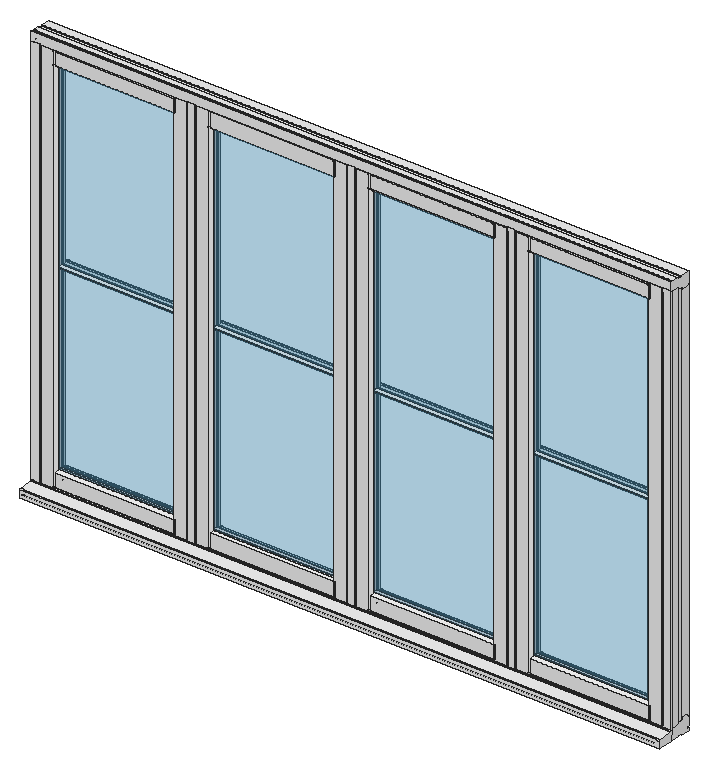
Revit family "C4-2P", category Windows, host Wall, Revit 2012 (continued)
Automatic sketch dimensions
  Sweep 18 sketch curve to Sweep 18 sketch curve = 4 mm  (x3)
  Sweep 18 sketch curve to plane 1 "Center (Front/Back)" = 4 mm  (x2)
  Sweep 18 sketch curve to plane 1 "Center (Front/Back)" = 1 mm  (x2)
  plane 1 "Center (Front/Back)" to Sweep 18 sketch curve = 7 mm  (x2)
  profile plane to Sweep 18 sketch curve = 12 mm
  Sweep 18 sketch curve to Sweep 18 sketch curve = 25 mm  (x2)
  Sweep 18 sketch curve to Sweep 18 sketch curve = 2 mm  (x5)
  Sweep 18 sketch curve to Sweep 18 sketch curve = 7 mm  (x2)
  Sweep 18 sketch curve to Sweep 18 sketch curve = 0 mm  (x2)
  Sweep 18 sketch curve to Sweep 18 sketch curve = 6 mm  (x2)
  profile plane to Sweep 18 sketch curve = 21 mm
  Sweep 18 sketch curve to Sweep 18 sketch curve = 8 mm  (x3)
  Sweep 18 sketch curve to Sweep 18 sketch curve = 12 mm
  Sweep 18 sketch curve to Sweep 18 sketch curve = 1 mm  (x3)
  Sweep 18 sketch curve to profile plane = 11 mm
  Sweep 18 sketch curve to profile plane = 14 mm
  Sweep 19 sketch curve to plane 6 "Sill" = 0 mm
  Sweep 19 sketch curve to plane 12 = 0 mm
  Sweep 19 sketch curve to profile plane = 0 mm
  profile plane to Sweep 19 sketch curve = 3 mm  (x2)
  profile plane to Sweep 19 sketch curve = 8 mm  (x2)
  Sweep 19 sketch curve to Sweep 19 sketch curve = 2 mm  (x3)
  Sweep 19 sketch curve to Sweep 19 sketch curve = 3 mm
  Sweep 19 sketch curve to Sweep 19 sketch curve = 42 mm
  Sweep 19 sketch curve to Sweep 19 sketch curve = 6 mm
  Sweep 19 sketch curve to Sweep 19 sketch curve = 10 mm
  Sweep 19 sketch curve to plane 1 "Center (Front/Back)" = 14.25 mm
  plane 1 "Center (Front/Back)" to Sweep 19 sketch curve = 4.75 mm
  Sweep 19 sketch curve to Sweep 19 sketch curve = 18 mm
  plane 1 "Center (Front/Back)" to Sweep 19 sketch curve = 33.75 mm
  Sweep 19 sketch curve to Sweep 19 sketch curve = 11 mm
  Sweep 20 sketch curve to plane 6 "Sill" = 0 mm
  Sweep 20 sketch curve to profile plane = 0 mm
  Sweep 20 sketch curve to profile plane = 3 mm
  Sweep 20 sketch curve to Sweep 20 sketch curve = 0 mm
  Sweep 20 sketch curve to profile plane = 8 mm
  Sweep 20 sketch curve to Sweep 20 sketch curve = 5 mm
  Sweep 20 sketch curve to Sweep 20 sketch curve = 2 mm  (x3)
  Sweep 20 sketch curve to Sweep 20 sketch curve = 3 mm
  Sweep 20 sketch curve to plane 1 "Center (Front/Back)" = 14.25 mm
  Sweep 20 sketch curve to Sweep 20 sketch curve = 41 mm
  Sweep 20 sketch curve to Sweep 20 sketch curve = 6 mm
  Sweep 20 sketch curve to Sweep 20 sketch curve = 10 mm
  plane 1 "Center (Front/Back)" to Sweep 20 sketch curve = 4.75 mm
  Sweep 20 sketch curve to Sweep 20 sketch curve = 18 mm
  plane 1 "Center (Front/Back)" to Sweep 20 sketch curve = 33.75 mm
  Sweep 20 sketch curve to Sweep 20 sketch curve = 11 mm
  Sweep 21 sketch curve to plane 6 "Sill" = 0 mm
  Sweep 21 sketch curve to plane 12 = 0 mm
  Sweep 21 sketch curve to profile plane = 0 mm
  profile plane to Sweep 21 sketch curve = 3 mm  (x2)
  profile plane to Sweep 21 sketch curve = 8 mm  (x2)
  Sweep 21 sketch curve to Sweep 21 sketch curve = 2 mm  (x3)
  Sweep 21 sketch curve to Sweep 21 sketch curve = 3 mm
  Sweep 21 sketch curve to Sweep 21 sketch curve = 42 mm
  Sweep 21 sketch curve to Sweep 21 sketch curve = 6 mm
  Sweep 21 sketch curve to Sweep 21 sketch curve = 10 mm
  Sweep 21 sketch curve to plane 1 "Center (Front/Back)" = 14.25 mm
  plane 1 "Center (Front/Back)" to Sweep 21 sketch curve = 4.75 mm
  Sweep 21 sketch curve to Sweep 21 sketch curve = 18 mm
  plane 1 "Center (Front/Back)" to Sweep 21 sketch curve = 33.75 mm
  Sweep 21 sketch curve to Sweep 21 sketch curve = 11 mm
  plane 23 to Sweep 22 sketch curve = 52 mm
  profile plane to Sweep 22 sketch curve = 0 mm
  Sweep 22 sketch curve to profile plane = 3 mm
  Sweep 22 sketch curve to Sweep 22 sketch curve = 0 mm
  Sweep 22 sketch curve to profile plane = 12 mm
  Sweep 22 sketch curve to Sweep 22 sketch curve = 9 mm
  Sweep 22 sketch curve to Sweep 22 sketch curve = 2 mm  (x3)
  Sweep 22 sketch curve to Sweep 22 sketch curve = 3 mm
  Sweep 22 sketch curve to plane 1 "Center (Front/Back)" = 14.75 mm
  Sweep 22 sketch curve to Sweep 22 sketch curve = 41 mm
  Sweep 22 sketch curve to Sweep 22 sketch curve = 6 mm
  Sweep 22 sketch curve to Sweep 22 sketch curve = 10 mm
  plane 1 "Center (Front/Back)" to Sweep 22 sketch curve = 4.25 mm
  Sweep 22 sketch curve to Sweep 22 sketch curve = 18 mm
  plane 1 "Center (Front/Back)" to Sweep 22 sketch curve = 33.25 mm
  Sweep 22 sketch curve to Sweep 22 sketch curve = 11 mm
  profile plane to Sweep 23 sketch curve = 0 mm
  Sweep 23 sketch curve to profile plane = 3 mm
  Sweep 23 sketch curve to Sweep 23 sketch curve = 0 mm
  Sweep 23 sketch curve to profile plane = 12 mm
  Sweep 23 sketch curve to Sweep 23 sketch curve = 9 mm
  Sweep 23 sketch curve to Sweep 23 sketch curve = 2 mm  (x3)
  Sweep 23 sketch curve to Sweep 23 sketch curve = 3 mm
  Sweep 23 sketch curve to plane 1 "Center (Front/Back)" = 14.75 mm
  Sweep 23 sketch curve to Sweep 23 sketch curve = 41 mm
  Sweep 23 sketch curve to Sweep 23 sketch curve = 6 mm
  Sweep 23 sketch curve to Sweep 23 sketch curve = 10 mm
  plane 1 "Center (Front/Back)" to Sweep 23 sketch curve = 4.25 mm
  Sweep 23 sketch curve to Sweep 23 sketch curve = 18 mm
  plane 1 "Center (Front/Back)" to Sweep 23 sketch curve = 33.25 mm
  Sweep 23 sketch curve to Sweep 23 sketch curve = 11 mm
  Sweep 24 sketch curve to profile plane = 0 mm
  profile plane to Sweep 24 sketch curve = 3 mm  (x2)
  profile plane to Sweep 24 sketch curve = 12 mm  (x2)
  Sweep 24 sketch curve to Sweep 24 sketch curve = 2 mm  (x3)
  Sweep 24 sketch curve to Sweep 24 sketch curve = 3 mm
  Sweep 24 sketch curve to Sweep 24 sketch curve = 42 mm
  Sweep 24 sketch curve to Sweep 24 sketch curve = 6 mm
  Sweep 24 sketch curve to Sweep 24 sketch curve = 10 mm
  Sweep 24 sketch curve to plane 1 "Center (Front/Back)" = 14.75 mm
  plane 1 "Center (Front/Back)" to Sweep 24 sketch curve = 4.25 mm
  Sweep 24 sketch curve to Sweep 24 sketch curve = 18 mm
  plane 1 "Center (Front/Back)" to Sweep 24 sketch curve = 33.25 mm
  Sweep 24 sketch curve to Sweep 24 sketch curve = 11 mm
  Sweep 25 sketch curve to plane 23 = 58 mm
  profile plane to Sweep 25 sketch curve = 6 mm
  profile plane to Sweep 25 sketch curve = 1 mm
  Sweep 25 sketch curve to profile plane = 6 mm
  plane 1 "Center (Front/Back)" to Sweep 25 sketch curve = 1 mm
  Sweep 25 sketch curve to Sweep 25 sketch curve = 1 mm  (x2)
  plane 1 "Center (Front/Back)" to Sweep 25 sketch curve = 5 mm
  Sweep 25 sketch curve to Sweep 25 sketch curve = 4 mm
  Sweep 25 sketch curve to Sweep 25 sketch curve = 3 mm
  plane 1 "Center (Front/Back)" to Sweep 25 sketch curve = 9 mm
  Sweep 26 sketch curve to plane 25 = 58 mm
  profile plane to Sweep 26 sketch curve = 6 mm
  profile plane to Sweep 26 sketch curve = 1 mm
  Sweep 26 sketch curve to profile plane = 6 mm
  plane 1 "Center (Front/Back)" to Sweep 26 sketch curve = 1 mm
  Sweep 26 sketch curve to Sweep 26 sketch curve = 1 mm  (x2)
  plane 1 "Center (Front/Back)" to Sweep 26 sketch curve = 5 mm
  Sweep 26 sketch curve to Sweep 26 sketch curve = 4 mm
  Sweep 26 sketch curve to Sweep 26 sketch curve = 3 mm
  plane 1 "Center (Front/Back)" to Sweep 26 sketch curve = 9 mm
  plane 24 to Sweep 27 sketch curve = 58 mm
  profile plane to Sweep 27 sketch curve = 6 mm
  profile plane to Sweep 27 sketch curve = 1 mm
  Sweep 27 sketch curve to profile plane = 6 mm
  plane 1 "Center (Front/Back)" to Sweep 27 sketch curve = 1 mm
  Sweep 27 sketch curve to Sweep 27 sketch curve = 1 mm  (x2)
  plane 1 "Center (Front/Back)" to Sweep 27 sketch curve = 5 mm
  Sweep 27 sketch curve to Sweep 27 sketch curve = 4 mm
  Sweep 27 sketch curve to Sweep 27 sketch curve = 3 mm
  plane 1 "Center (Front/Back)" to Sweep 27 sketch curve = 9 mm
  plane 25 to Sweep 28 sketch curve = 58 mm
  profile plane to Sweep 28 sketch curve = 4 mm
  Sweep 28 sketch curve to profile plane = 6 mm
  plane 1 "Center (Front/Back)" to Sweep 28 sketch curve = 13.165 mm
  Sweep 28 sketch curve to Sweep 28 sketch curve = 16 mm
  plane 23 to Sweep 29 sketch curve = 58 mm
  profile plane to Sweep 29 sketch curve = 4 mm
  Sweep 29 sketch curve to profile plane = 6 mm
  profile plane to Sweep 29 sketch curve = 13.165 mm
  Sweep 29 sketch curve to Sweep 29 sketch curve = 16 mm
  Sweep 30 sketch curve to plane 22 = 58 mm
  profile plane to Sweep 30 sketch curve = 4 mm
  Sweep 30 sketch curve to profile plane = 6 mm
  plane 1 "Center (Front/Back)" to Sweep 30 sketch curve = 13.165 mm
  Sweep 30 sketch curve to Sweep 30 sketch curve = 16 mm
  Sweep 31 sketch curve to profile plane = 0 mm
  profile plane to Sweep 31 sketch curve = 3 mm  (x2)
  profile plane to Sweep 31 sketch curve = 8 mm  (x2)
  Sweep 31 sketch curve to Sweep 31 sketch curve = 2 mm  (x3)
  Sweep 31 sketch curve to Sweep 31 sketch curve = 3 mm
  Sweep 31 sketch curve to Sweep 31 sketch curve = 42 mm
  Sweep 31 sketch curve to Sweep 31 sketch curve = 6 mm
  Sweep 31 sketch curve to Sweep 31 sketch curve = 10 mm
  Sweep 31 sketch curve to plane 1 "Center (Front/Back)" = 14.25 mm
  plane 1 "Center (Front/Back)" to Sweep 31 sketch curve = 4.75 mm
  Sweep 31 sketch curve to Sweep 31 sketch curve = 18 mm
  plane 1 "Center (Front/Back)" to Sweep 31 sketch curve = 33.75 mm
  Sweep 31 sketch curve to Sweep 31 sketch curve = 11 mm
  Sweep 32 sketch curve to profile plane = 0 mm
  Sweep 32 sketch curve to profile plane = 3 mm
  Sweep 32 sketch curve to Sweep 32 sketch curve = 0 mm
  Sweep 32 sketch curve to profile plane = 12 mm
  Sweep 32 sketch curve to Sweep 32 sketch curve = 9 mm
  Sweep 32 sketch curve to Sweep 32 sketch curve = 2 mm  (x3)
  Sweep 32 sketch curve to Sweep 32 sketch curve = 3 mm
  Sweep 32 sketch curve to plane 1 "Center (Front/Back)" = 14.75 mm
  Sweep 32 sketch curve to Sweep 32 sketch curve = 41 mm
  Sweep 32 sketch curve to Sweep 32 sketch curve = 6 mm
  Sweep 32 sketch curve to Sweep 32 sketch curve = 10 mm
  plane 1 "Center (Front/Back)" to Sweep 32 sketch curve = 4.25 mm
  Sweep 32 sketch curve to Sweep 32 sketch curve = 18 mm
  plane 1 "Center (Front/Back)" to Sweep 32 sketch curve = 33.25 mm
  Sweep 32 sketch curve to Sweep 32 sketch curve = 11 mm
  Sweep 33 sketch curve to plane 22 = 0 mm
  Sweep 33 sketch curve to plane 6 "Sill" = 0 mm
  Sweep 33 sketch curve to profile plane = 0 mm
  profile plane to Sweep 33 sketch curve = 3 mm  (x2)
  profile plane to Sweep 33 sketch curve = 8 mm  (x2)
  Sweep 33 sketch curve to Sweep 33 sketch curve = 2 mm  (x3)
  Sweep 33 sketch curve to Sweep 33 sketch curve = 3 mm
  Sweep 33 sketch curve to Sweep 33 sketch curve = 42 mm
  Sweep 33 sketch curve to Sweep 33 sketch curve = 6 mm
  Sweep 33 sketch curve to Sweep 33 sketch curve = 10 mm
  Sweep 33 sketch curve to plane 1 "Center (Front/Back)" = 14.25 mm
  plane 1 "Center (Front/Back)" to Sweep 33 sketch curve = 4.75 mm
  Sweep 33 sketch curve to Sweep 33 sketch curve = 18 mm
  plane 1 "Center (Front/Back)" to Sweep 33 sketch curve = 33.75 mm
  Sweep 33 sketch curve to Sweep 33 sketch curve = 11 mm
  plane 14 to Sweep 34 sketch curve = 6 mm
  plane 22 to Sweep 34 sketch curve = 52 mm
  Sweep 34 sketch curve to profile plane = 0 mm
  Sweep 34 sketch curve to profile plane = 3 mm
  Sweep 34 sketch curve to Sweep 34 sketch curve = 0 mm
  Sweep 34 sketch curve to profile plane = 8 mm
  Sweep 34 sketch curve to Sweep 34 sketch curve = 5 mm
  Sweep 34 sketch curve to Sweep 34 sketch curve = 2 mm  (x3)
  Sweep 34 sketch curve to Sweep 34 sketch curve = 3 mm
  Sweep 34 sketch curve to plane 1 "Center (Front/Back)" = 14.75 mm
  Sweep 34 sketch curve to Sweep 34 sketch curve = 41 mm
  Sweep 34 sketch curve to Sweep 34 sketch curve = 6 mm
  Sweep 34 sketch curve to Sweep 34 sketch curve = 10 mm
  plane 1 "Center (Front/Back)" to Sweep 34 sketch curve = 4.25 mm
  Sweep 34 sketch curve to Sweep 34 sketch curve = 18 mm
  plane 1 "Center (Front/Back)" to Sweep 34 sketch curve = 33.25 mm
  Sweep 34 sketch curve to Sweep 34 sketch curve = 11 mm
  Sweep 35 sketch curve to plane 6 "Sill" = 0 mm
  Sweep 35 sketch curve to plane 12 = 0 mm
  Sweep 35 sketch curve to profile plane = 0 mm
  Sweep 35 sketch curve to profile plane = 3 mm
  Sweep 35 sketch curve to Sweep 35 sketch curve = 0 mm
  Sweep 35 sketch curve to profile plane = 8 mm
  Sweep 35 sketch curve to Sweep 35 sketch curve = 5 mm
  Sweep 35 sketch curve to Sweep 35 sketch curve = 2 mm  (x3)
  Sweep 35 sketch curve to Sweep 35 sketch curve = 3 mm
  Sweep 35 sketch curve to plane 1 "Center (Front/Back)" = 14.25 mm
  Sweep 35 sketch curve to Sweep 35 sketch curve = 41 mm
  Sweep 35 sketch curve to Sweep 35 sketch curve = 6 mm
  Sweep 35 sketch curve to Sweep 35 sketch curve = 10 mm
  plane 1 "Center (Front/Back)" to Sweep 35 sketch curve = 4.75 mm
  Sweep 35 sketch curve to Sweep 35 sketch curve = 18 mm
  plane 1 "Center (Front/Back)" to Sweep 35 sketch curve = 33.75 mm
  Sweep 35 sketch curve to Sweep 35 sketch curve = 11 mm
  Sweep 36 sketch curve to plane 6 "Sill" = 0 mm
  Sweep 36 sketch curve to plane 12 = 0 mm
  Sweep 36 sketch curve to profile plane = 0 mm
  Sweep 36 sketch curve to profile plane = 3 mm
  Sweep 36 sketch curve to Sweep 36 sketch curve = 0 mm
  Sweep 36 sketch curve to profile plane = 8 mm
  Sweep 36 sketch curve to Sweep 36 sketch curve = 5 mm
  Sweep 36 sketch curve to Sweep 36 sketch curve = 2 mm  (x3)
  Sweep 36 sketch curve to Sweep 36 sketch curve = 3 mm
  Sweep 36 sketch curve to plane 1 "Center (Front/Back)" = 14.25 mm
  Sweep 36 sketch curve to Sweep 36 sketch curve = 41 mm
  Sweep 36 sketch curve to Sweep 36 sketch curve = 6 mm
  Sweep 36 sketch curve to Sweep 36 sketch curve = 10 mm
  plane 1 "Center (Front/Back)" to Sweep 36 sketch curve = 4.75 mm
  Sweep 36 sketch curve to Sweep 36 sketch curve = 18 mm
  plane 1 "Center (Front/Back)" to Sweep 36 sketch curve = 33.75 mm
  Sweep 36 sketch curve to Sweep 36 sketch curve = 11 mm
  Sweep 37 sketch curve to profile plane = 0 mm
  Sweep 37 sketch curve to profile plane = 3 mm
  Sweep 37 sketch curve to Sweep 37 sketch curve = 0 mm
  Sweep 37 sketch curve to profile plane = 8 mm
  Sweep 37 sketch curve to Sweep 37 sketch curve = 5 mm
  Sweep 37 sketch curve to Sweep 37 sketch curve = 2 mm  (x3)
  Sweep 37 sketch curve to Sweep 37 sketch curve = 3 mm
  Sweep 37 sketch curve to plane 1 "Center (Front/Back)" = 14.75 mm
  Sweep 37 sketch curve to Sweep 37 sketch curve = 41 mm
  Sweep 37 sketch curve to Sweep 37 sketch curve = 6 mm
  Sweep 37 sketch curve to Sweep 37 sketch curve = 10 mm
  plane 1 "Center (Front/Back)" to Sweep 37 sketch curve = 4.25 mm
  Sweep 37 sketch curve to Sweep 37 sketch curve = 18 mm
  plane 1 "Center (Front/Back)" to Sweep 37 sketch curve = 33.25 mm
  Sweep 37 sketch curve to Sweep 37 sketch curve = 11 mm
  Sweep 38 sketch curve to profile plane = 0 mm
  Sweep 38 sketch curve to profile plane = 3 mm
  Sweep 38 sketch curve to Sweep 38 sketch curve = 0 mm
  Sweep 38 sketch curve to profile plane = 8 mm
  Sweep 38 sketch curve to Sweep 38 sketch curve = 5 mm
  Sweep 38 sketch curve to Sweep 38 sketch curve = 2 mm  (x3)
  Sweep 38 sketch curve to Sweep 38 sketch curve = 3 mm
  Sweep 38 sketch curve to plane 1 "Center (Front/Back)" = 14.75 mm
  Sweep 38 sketch curve to Sweep 38 sketch curve = 41 mm
  Sweep 38 sketch curve to Sweep 38 sketch curve = 6 mm
  Sweep 38 sketch curve to Sweep 38 sketch curve = 10 mm
  plane 1 "Center (Front/Back)" to Sweep 38 sketch curve = 4.25 mm
  Sweep 38 sketch curve to Sweep 38 sketch curve = 18 mm
  plane 1 "Center (Front/Back)" to Sweep 38 sketch curve = 33.25 mm
  Sweep 38 sketch curve to Sweep 38 sketch curve = 11 mm
  Sweep 38 sketch curve to plane 12 = 0 mm
  Sweep 38 sketch curve to plane 23 = 52 mm
  plane 26 to Sweep 38 sketch curve = 52 mm
  plane 27 to Sweep 32 sketch curve = 52 mm
  plane 25 to Sweep 32 sketch curve = 52 mm
  plane 24 to Sweep 37 sketch curve = 52 mm
  plane 15 to Sweep 37 sketch curve = 6 mm
  Sweep 23 sketch curve to plane 24 = 52 mm
  Sweep 23 sketch curve to plane 15 = 6 mm
  Sweep 24 sketch curve to plane 27 = 52 mm
  Sweep 24 sketch curve to plane 25 = 52 mm
  plane 22 to Sweep 7 sketch curve = 52 mm
  plane 14 to Sweep 7 sketch curve = 6 mm
  Sweep 22 sketch curve to plane 26 = 52 mm
